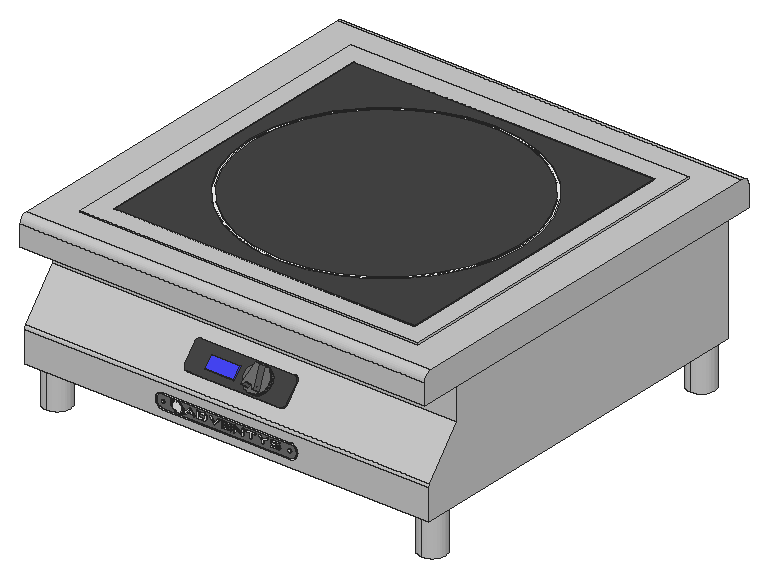
Revit family "QF_ADVENTYS_MO1I_8000_XL_250902084629", category Specialty Equipment, Revit 2021
Family settings
  Round Connector Dimension = Use Diameter
  Part Type = Normal
  OmniClass Number = 23.40.40.14
  OmniClass Title = Food Service Equipment
  Work Plane-Based = No
  Always vertical = Yes
  Cut with Voids When Loaded = No
  Shared = No
  Room Calculation Point = No
Parameters (values of type "ADV2005")
  Weight in Pounds [instance] = 0
  Weight = 95.00 kg
  Warranty Start Date [instance] = ""
  Warranty Duration [instance] = ""
  Volts [instance] = 400 V
  URL Recommended Spares List = ""
  URL Manufacturer = ""
  URL Cutsheet = ""
  URL Critical Spares List = ""
  URL = "www.adventys.com"
  Tag Number [instance] = ""
  Status [instance] = ""
  Specification by User [instance] = ""
  Specification by Manufacturer [instance] = ""
  Sound Level [instance] = ""
  Solid Fuel Type [instance] = ""
  Service Life Duration [instance] = ""
  Serial Number [instance] = ""
  Seismic Rating [instance] = ""
  SMACNA No [instance] = ""
  Revision Code [instance] = ""
  Revision [instance] = ""
  Production Year [instance] = ""
  Point Load [instance] = 0
  Phase [instance] = 3
  Other Equipment Approvals [instance] = ""
  Number of Poles [instance] = 3
  NAFEM Spec ID Number [instance] = ""
  Model Warning [instance] = ""
  Model = "MO1I 8000 XL"
  Min Ckt Ampacity [instance] = 0 A
  Max Overcurrent Protection [instance] = 16 A
  Masterspec [instance] = ""
  Manufacturer = "ADVENTYS"
  Length Actual = 800 mm
  Item Number [instance] = ""
  Installed By [instance] = ""
  Installation Date [instance] = ""
  Identify Quantity as Lot [instance] = no
  ID [instance] = ""
  Hygiene Approval [instance] = ""
  Hot Water Consumption = 0.0 L/s
  Height Actual = 350 mm
  HP power [instance] = ""
  Furnished By [instance] = ""
  Foodservice Equipment Identifier [instance] = no
  FL Amps [instance] = 11 A
  Electrical Remarks [instance] = "Plug not included"
  Electric power [instance] = 0 W
  Electric Connection Type [instance] = "Cord&Plug"
  Elec Conn RI Height [instance] = 0 mm
  Elec Conn Connection Height [instance] = 0 mm
  ETL Approved [instance] = no
  Description = "INDUCTION MODULE 1 ZONE LARGE FORMAT THREE-PHASE"
  Depth Actual = 800 mm
  Default Elevation = 0 mm
  Cycle [instance] = 50 Hz
  Cost = 0
  Conn Plug [instance] = ""
  Conn Conduit [instance] = no
  CSI MasterFormat [instance] = ""
  CE Approved [instance] = no
  Barcode [instance] = 0
  Author [instance] = ""
  Asset Identifier [instance] = ""
  Apparent Power [instance] = 8000 VA
  Accessory = no
Reference planes
  plane 1 "Center (Front/Back)": y = 0
  plane 2: z = 0
  plane 3 "Center (Left/Right)": x = 0
Forms (mm)
  Extrusion 1, solid, not visible
    sketch origin (111.005, -39.002, 227.011) x (1, 0, 0) y (0, 1, 0)
      loop
        line (-2, 2) -> (-2, -2) -> (2, -2) -> (2, 2) -> (-2, 2)
    from -2 to 2
Dimensions and locks
  locked: Extrusion 1 to nested 2
  locked: nested 2 to Extrusion 1 at 2
  aligned and locked: level to plane 2
Nested families
  nested 1: "QF_ADVENTYS_ADV2005_2916" at (0, 0, 0), type "ADV2005"
    with Status "", Show Logo yes
  nested 2: "CONN_POINT_ELE_2D___Generic_Annotation" at (111.005, -37.002, 227.011), type "CONN_POINT_ELE_2D___Generic_Annotation"
    with Onboard connection annotation symbol visibility yes
Connectors
  electrical at (111.005, -37.002, 227.011), driven by "Apparent Power", driven by "Number of Poles", driven by "Volts"
    settings: on Extrusion 1, index 1, voltage 400 V, apparent load 0 VA, apparent load phase1 8000 VA, apparent load phase2 0 VA, apparent load phase3 0 VA, power factor 1, load classification "Other", number of poles 3, system type 31, power factor state 1, is connector primary yes, connector utility no, sub classification motor no, connector description "Electrical connection for MO1I 8000 XL"
Definition of nested family "QF_ADVENTYS_ADV2005_2916"
  Parameters (values of type "ADV2005")
    URL = "www.adventys.com"
    Status [instance] = ""
    Show Logo [instance] = yes
    Model = "MO1I 8000 XL"
    Manufacturer = "ADVENTYS"
    Description = "INDUCTION MODULE 1 ZONE LARGE FORMAT THREE-PHASE"
    Default Elevation = 0 mm
    Author = "SPECIFI"
    Assembly Code = "E1090320"
  Reference planes
    plane 1 "Back": y = 0
    plane 2: z = 0
    plane 3 "Left": x = 0
    plane 4 "Right": x = 800
    plane 5 "Front": y = -800
    plane 6 "Top": z = 350
  Forms (mm)
    Extrusion 1, solid
      sketch origin (0, 0, 0) x (0, 1, 0) y (0, 0, 1)
        loop
          line (-790, 80) -> (-50, 80) -> (-50, 290.8) -> (-720, 290.8) -> (-720, 227.161) -> (-787.017, 147.294)
          arc (-787.017, 147.294) -> (-789.078, 143.88) -> (-790, 140) r 12.92
          line (-790, 140) -> (-790, 80)
      from 0 to 800
    Extrusion 2, solid
      sketch origin (0, 0, 0) x (0, 1, 0) y (0, 0, 1)
        loop
          line (0, 290.8) -> (0, 332)
          arc (0, 332) -> (-4.393, 342.607) -> (-15, 347) r 15
          line (-15, 347) -> (-785, 347)
          arc (-785, 347) -> (-795.607, 342.607) -> (-800, 332) r 15
          line (-800, 332) -> (-800, 290.8) -> (0, 290.8)
      from 0 to 800
    Extrusion 3, solid
      sketch origin (797.5, -718.509, 228.939) x (0, -0.642788, -0.766044) y (1, 0, 0)
        loop
          arc (26.45, -488.6) -> (29.379, -495.671) -> (36.45, -498.6) r 10
          line (36.45, -498.6) -> (72.45, -498.6)
          arc (72.45, -498.6) -> (79.521, -495.671) -> (82.45, -488.6) r 10
          line (82.45, -488.6) -> (82.45, -306.4)
          arc (82.45, -306.4) -> (79.521, -299.329) -> (72.45, -296.4) r 10
          line (72.45, -296.4) -> (36.45, -296.4)
          arc (36.45, -296.4) -> (29.379, -299.329) -> (26.45, -306.4) r 10
          line (26.45, -306.4) -> (26.45, -488.6)
      from 0 to 1.881
    Extrusion 4, solid
      sketch origin (797.5, -718.509, 228.939) x (0, -0.642788, -0.766044) y (1, 0, 0)
        loop
          line (44.95, -459.1) -> (68.95, -459.1) -> (68.95, -403.1) -> (44.95, -403.1) -> (44.95, -459.1)
      from 1.881 to 3.679
    Extrusion 5, solid
      sketch origin (797.5, -718.509, 228.939) x (0, -0.642788, -0.766044) y (1, 0, 0)
        loop
          line (77.193, -371.481) -> (78.52, -367.858) -> (79.283, -363.991) -> (79.427, -360.015) -> (78.941, -356.081) -> (77.862, -352.331) -> (76.265, -348.888) -> (74.254, -345.841) -> (71.944, -343.24) -> (69.45, -341.1) -> (66.873, -339.405) -> (64.297, -338.121) -> (61.785, -337.2) -> (59.381, -336.591) -> (56.817, -336.212) -> (54.45, -336.1) -> (52.084, -336.212) -> (49.52, -336.591) -> (47.116, -337.2) -> (44.604, -338.121) -> (42.027, -339.405) -> (39.45, -341.1) -> (36.956, -343.24) -> (34.647, -345.841) -> (32.636, -348.888) -> (31.039, -352.331) -> (29.959, -356.081) -> (29.474, -360.015) -> (29.618, -363.991) -> (30.381, -367.858) -> (31.708, -371.481) -> (33.507, -374.752) -> (35.926, -377.889) -> (38.945, -380.711) -> (42.475, -383.045) -> (46.365, -384.756) -> (50.423, -385.773) -> (54.45, -386.1) -> (58.478, -385.773) -> (62.536, -384.756) -> (66.426, -383.045) -> (69.956, -380.711) -> (72.974, -377.889) -> (75.393, -374.752) -> (77.193, -371.481)
      from 1.881 to 10
    Extrusion 6, solid
      sketch origin (797.5, -718.509, 228.939) x (0, -0.642788, -0.766044) y (1, 0, 0)
        loop
          line (72.45, -353.1) -> (72.45, -348.1) -> (31.45, -357.1) -> (31.45, -365.1) -> (72.45, -374.1) -> (72.45, -369.1) -> (66.45, -367.1) -> (66.45, -355.1) -> (72.45, -353.1)
      from 10 to 25.009
    Revolve 7, solid
      sketch origin (29, 0, 0) x (0, 1, 0) y (0, 0, 1)
        loop
          line (-719, 0) -> (-719, 80) -> (-745, 80) -> (-745, 0) -> (-719, 0)
        axis (-745, 80) -> (-745, 0)
      angle from 0 to 360
    Revolve 8, solid
      sketch origin (29, 665, 0) x (0, 1, 0) y (0, 0, 1)
        loop
          line (-719, 0) -> (-719, 80) -> (-745, 80) -> (-745, 0) -> (-719, 0)
        axis (-745, 80) -> (-745, 0)
      angle from 0 to 360
    Revolve 9, solid
      sketch origin (771, 0, 0) x (0, 1, 0) y (0, 0, 1)
        loop
          line (-719, 0) -> (-719, 80) -> (-745, 80) -> (-745, 0) -> (-719, 0)
        axis (-745, 80) -> (-745, 0)
      angle from 0 to 360
    Revolve 10, solid
      sketch origin (771, 665, 0) x (0, 1, 0) y (0, 0, 1)
        loop
          line (-719, 0) -> (-719, 80) -> (-745, 80) -> (-745, 0) -> (-719, 0)
        axis (-745, 80) -> (-745, 0)
      angle from 0 to 360
    Extrusion 11, solid
      sketch origin (0, 0, 0) x (1, 0, 0) y (0, 0, 1)
        loop
          line (173, 264) -> (47, 264) -> (47, 170) -> (173, 170) -> (173, 264)
      from 47.858 to 50
    Extrusion 12, solid
      sketch origin (0, 0, 0) x (1, 0, 0) y (0, 0, 1)
        loop
          circle (110.78, 227.161) r 15
      from 36.426 to 47.858
    Extrusion 13, solid
      sketch origin (0, 0, -7.613) x (1, 0, 0) y (0, 1, 0)
        loop
          circle (400, -395.75) r 270
        loop
          circle (400, -395.75) r 265
      from 357.613 to 354.613
    Extrusion 14, solid
      sketch origin (0, 0, -1.187) x (1, 0, 0) y (0, 1, 0)
        loop
          line (103, -103) -> (103, -697) -> (697, -697) -> (697, -103) -> (103, -103)
        loop
          line (65, -65) -> (65, -735) -> (735, -735) -> (735, -65) -> (65, -65)
      from 348.187 to 351.187
    Extrusion 15, solid
      sketch origin (37, -56.5, -8.8) x (1, 0, 0) y (0, 1, 0)
        loop
          line (66, -46.5) -> (66, -640.5) -> (660, -640.5) -> (660, -46.5) -> (66, -46.5)
        loop
          circle (363, -339.25) r 270
        loop
          circle (363, -339.25) r 265
      from 355.8 to 358.8
    Extrusion 16, solid, visible <- "Show Logo"
      sketch origin (266.717, -613.43, 524.832) x (1, 0, 0) y (0, 0, 1)
        loop
          arc (26.945, -405.612) -> (25.297, -406.294) -> (24.615, -407.942) r 2.329
          line (24.615, -407.942) -> (24.615, -413.701)
          arc (24.615, -413.701) -> (25.333, -415.383) -> (27.044, -416.028) r 2.329
          line (27.044, -416.028) -> (27.044, -411.667)
          arc (27.044, -411.667) -> (28.249, -409.269) -> (30.753, -408.302) r 3.727
          line (30.753, -408.302) -> (40.699, -408.302)
          arc (40.699, -408.302) -> (40.168, -406.427) -> (38.398, -405.612) r 2.329
          line (38.398, -405.612) -> (26.945, -405.612)
        loop
          arc (26.945, -404.215) -> (24.309, -405.306) -> (23.218, -407.942) r 3.727
          line (23.218, -407.942) -> (23.218, -413.701)
          arc (23.218, -413.701) -> (24.345, -416.371) -> (27.044, -417.427) r 3.727
          arc (27.044, -417.427) -> (27.999, -420.299) -> (30.77, -421.516) r 3.727
          arc (30.77, -421.516) -> (31.85, -424.173) -> (34.497, -425.277) r 3.727
          line (34.497, -425.277) -> (45.04, -425.277)
          arc (45.04, -425.277) -> (47.676, -424.185) -> (48.767, -421.55) r 3.727
          line (48.767, -421.55) -> (48.767, -416.154)
          arc (48.767, -416.154) -> (47.662, -413.505) -> (45.002, -412.427) r 3.727
          arc (45.002, -412.427) -> (44.322, -409.853) -> (42.098, -408.389) r 3.727
          arc (42.098, -408.389) -> (41.187, -405.47) -> (38.398, -404.215) r 3.727
          line (38.398, -404.215) -> (26.945, -404.215)
        loop
          arc (45.04, -423.879) -> (46.687, -423.197) -> (47.37, -421.55) r 2.329
          line (47.37, -421.55) -> (47.37, -416.154)
          arc (47.37, -416.154) -> (46.681, -414.501) -> (45.023, -413.825) r 2.329
          line (45.023, -413.825) -> (45.023, -417.789)
          arc (45.023, -417.789) -> (43.932, -420.424) -> (41.297, -421.516) r 3.727
          line (41.297, -421.516) -> (32.168, -421.516)
          arc (32.168, -421.516) -> (32.838, -423.185) -> (34.497, -423.879) r 2.329
          line (34.497, -423.879) -> (45.04, -423.879)
        loop
          arc (51.474, -419.149) -> (51.62, -421.006) -> (53.482, -420.957) r 1.353
          line (53.482, -420.957) -> (56.052, -418.386) -> (66.256, -418.386) -> (68.827, -420.957)
          arc (68.827, -420.957) -> (70.688, -421.006) -> (70.834, -419.149) r 1.353
          line (70.834, -419.149) -> (61.154, -407.195) -> (51.474, -419.149)
        loop
          line (61.154, -412) -> (57.878, -416.046) -> (64.43, -416.046) -> (61.154, -412)
        loop
          line (75.318, -407.422) -> (75.318, -421.177) -> (88.277, -421.177)
          arc (88.277, -421.177) -> (95.155, -414.299) -> (88.277, -407.422) r 6.877
          line (88.277, -407.422) -> (75.318, -407.422)
        loop
          line (88.277, -411.041) -> (78.937, -411.041) -> (78.937, -417.558) -> (88.277, -417.558)
          arc (88.277, -417.558) -> (91.536, -414.299) -> (88.277, -411.041) r 3.259
        loop
          arc (101.821, -408.219) -> (99.959, -408.171) -> (99.813, -410.027) r 1.353
          line (99.813, -410.027) -> (109.493, -421.981) -> (119.174, -410.027)
          arc (119.174, -410.027) -> (119.028, -408.171) -> (117.166, -408.219) r 1.353
          line (117.166, -408.219) -> (109.493, -417.694) -> (101.821, -408.219)
        loop
          line (142.076, -407.26) -> (123.764, -407.26) -> (123.764, -421.177) -> (142.076, -421.177)
          arc (142.076, -421.177) -> (143.489, -419.764) -> (142.076, -418.35) r 1.413
          line (142.076, -418.35) -> (126.938, -418.35) -> (126.938, -415.564) -> (142.076, -415.564)
          arc (142.076, -415.564) -> (143.355, -414.285) -> (142.076, -413.006) r 1.279
          line (142.076, -413.006) -> (126.938, -413.006) -> (126.938, -410.087) -> (142.076, -410.087)
          arc (142.076, -410.087) -> (143.489, -408.673) -> (142.076, -407.26) r 1.413
        loop
          line (147.746, -409.199) -> (147.746, -419.562)
          arc (147.746, -419.562) -> (149.249, -421.066) -> (150.753, -419.562) r 1.504
          line (150.753, -419.562) -> (150.753, -411.984) -> (164.154, -420.358)
          arc (164.154, -420.358) -> (166.328, -420.415) -> (167.432, -418.542) r 2.142
          line (167.432, -418.542) -> (167.432, -408.927)
          arc (167.432, -408.927) -> (165.846, -407.341) -> (164.26, -408.927) r 1.586
          line (164.26, -408.927) -> (164.26, -416.262) -> (150.507, -407.668)
          arc (150.507, -407.668) -> (148.676, -407.62) -> (147.746, -409.199) r 1.805
        loop
          arc (173.786, -407.529) -> (172.045, -409.271) -> (173.786, -411.012) r 1.741
          line (173.786, -411.012) -> (180.099, -411.012) -> (180.099, -418.888)
          arc (180.099, -418.888) -> (181.773, -420.563) -> (183.448, -418.888) r 1.675
          line (183.448, -418.888) -> (183.448, -411.012) -> (189.463, -411.012)
          arc (189.463, -411.012) -> (191.205, -409.271) -> (189.463, -407.529) r 1.741
          line (189.463, -407.529) -> (173.786, -407.529)
        loop
          line (206.15, -412.172) -> (199.243, -407.513)
          arc (199.243, -407.513) -> (196.903, -407.967) -> (197.358, -410.307) r 1.685
          line (197.358, -410.307) -> (204.265, -414.966) -> (204.265, -418.978)
          arc (204.265, -418.978) -> (206.15, -420.863) -> (208.035, -418.978) r 1.885
          line (208.035, -418.978) -> (208.035, -414.966) -> (214.942, -410.307)
          arc (214.942, -410.307) -> (215.397, -407.967) -> (213.057, -407.513) r 1.685
          line (213.057, -407.513) -> (206.15, -412.172)
        loop
          line (237.989, -407.529) -> (224.935, -407.529)
          arc (224.935, -407.529) -> (220.943, -411.522) -> (224.935, -415.515) r 3.993
          line (224.935, -415.515) -> (235.702, -415.515)
          arc (235.702, -415.515) -> (237.157, -416.969) -> (235.702, -418.424) r 1.455
          line (235.702, -418.424) -> (222.585, -418.424)
          arc (222.585, -418.424) -> (221.382, -419.627) -> (222.585, -420.83) r 1.203
          line (222.585, -420.83) -> (236.992, -420.83)
          arc (236.992, -420.83) -> (239.726, -416.462) -> (235.818, -413.103) r 3.953
          line (235.818, -413.103) -> (224.727, -413.103)
          arc (224.727, -413.103) -> (223.143, -411.519) -> (224.727, -409.936) r 1.584
          line (224.727, -409.936) -> (237.989, -409.936)
          arc (237.989, -409.936) -> (239.192, -408.732) -> (237.989, -407.529) r 1.203
        loop
          arc (7.934, -401.559) -> (-5.34, -414.832) -> (7.934, -428.106) r 13.274
          line (7.934, -428.106) -> (258.631, -428.106)
          arc (258.631, -428.106) -> (271.905, -414.832) -> (258.631, -401.559) r 13.274
          line (258.631, -401.559) -> (7.934, -401.559)
        loop
          arc (7.934, -400.181) -> (-6.717, -414.832) -> (7.934, -429.484) r 14.651
          line (7.934, -429.484) -> (258.631, -429.484)
          arc (258.631, -429.484) -> (273.283, -414.832) -> (258.631, -400.181) r 14.651
          line (258.631, -400.181) -> (7.934, -400.181)
        loop
          circle (7.934, -414.832) r 3
        loop
          circle (258.631, -414.832) r 3
      from 176.77 to 176.97
    Extrusion 17, solid, visible <- "Show Logo"
      sketch origin (266.717, -790.4, 524.832) x (1, 0, 0) y (0, 0, 1)
        loop
          arc (258.631, -429.484) -> (273.283, -414.832) -> (258.631, -400.181) r 14.651
          line (258.631, -400.181) -> (7.934, -400.181)
          arc (7.934, -400.181) -> (-6.717, -414.832) -> (7.934, -429.484) r 14.651
          line (7.934, -429.484) -> (258.631, -429.484)
      from -0.2 to -0.4
  Lines and regions (mm)
    symbolic lines
      curve 1: line (0, 0, 0) -> (800, 0, 0)
      curve 2: line (0, -800, 0) -> (0, 0, 0)
      curve 3: line (800, -800, 0) -> (0, -800, 0)
      curve 4: line (800, 0, 0) -> (800, -800, 0)
      curve 5: line (65, -735, 0) -> (65, -65, 0)
      curve 6: line (65, -65, 0) -> (735, -65, 0)
      curve 7: line (735, -735, 0) -> (65, -735, 0)
      curve 8: line (735, -65, 0) -> (735, -735, 0)
      curve 9: line (697, -697, 0) -> (103, -697, 0)
      curve 10: line (103, -103, 0) -> (697, -103, 0)
      curve 11: line (697, -103, 0) -> (697, -697, 0)
      curve 12: line (103, -103, 0) -> (103, -697, 0)
      curve 13: arc (130, -395.75, 0) -> (400, -125.75, 0) -> (670, -395.75, 0) r 270
      curve 14: arc (665, -395.75, 0) -> (400, -130.75, 0) -> (135, -395.75, 0) r 265
      curve 15: arc (670, -395.75, 0) -> (400, -665.75, 0) -> (130, -395.75, 0) r 270
      curve 16: arc (135, -395.75, 0) -> (400, -660.75, 0) -> (665, -395.75, 0) r 265
  Dimensions and locks
    plane 6 "Top" to level = 350 mm
    plane 3 "Left" to plane 4 "Right" = 800 mm
    plane 5 "Front" to plane 1 "Back" = 800 mm
    aligned and locked: level to plane 2
Definition of nested family "CONN_POINT_ELE_2D___Generic_Annotation"
  Parameters (values of type "CONN_POINT_ELE_2D___Generic_Annotation")
    Onboard connection annotation symbol visibility [instance] = yes
  Reference planes
    plane 1: y = 0
    plane 2: x = 0
  Lines and regions (mm)
    detail lines, visible <- "Onboard connection annotation symbol visibility"
      curve 1: circle (0, 0, 0) r 0.5 normal (0, 0, 1)
      curve 2: line (-1, 0, 0) -> (1, 0, 0)
      curve 3: line (0, 1, 0) -> (0, -1, 0)
      curve 4: line (2.5, 1, 0) -> (1.25, 1, 0)
      curve 5: line (1.25, 1, 0) -> (1.25, -1, 0)
      curve 6: line (1.25, -1, 0) -> (2.5, -1, 0)
      curve 7: line (1.25, 0, 0) -> (2, 0, 0)
